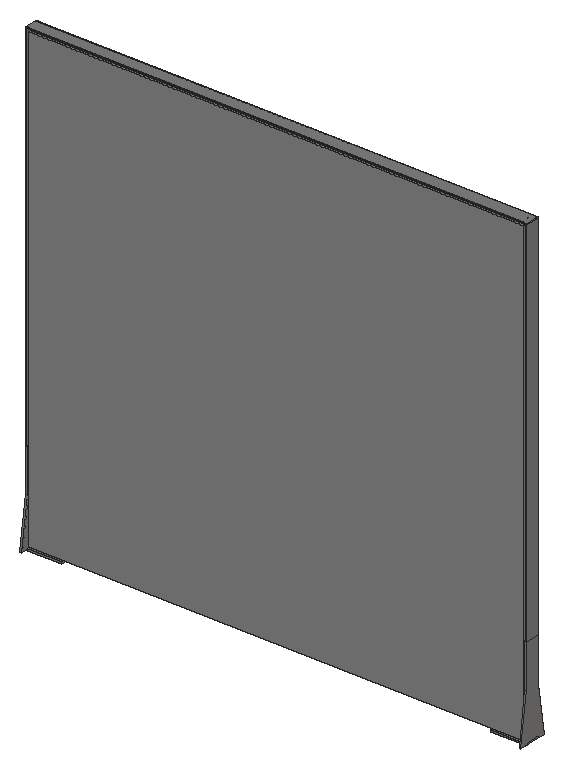
Revit family "Casual_Space_Division-Teknion-HNBCFF_Navigate_Fixed_Center_Screen_Fabric-R2016", category Furniture, Revit 2016
Family settings
  OmniClass Number = 23.40.20.00
  OmniClass Title = General Furniture and Specialties
  Work Plane-Based = No
  Always vertical = Yes
  Cut with Voids When Loaded = No
  Shared = Yes
  Room Calculation Point = No
Parameters (values of type "51" Height, Inset Style")
  Width [instance] = 46.000"
  Warranty = "http://www.teknion.com/ca/papers/legal-canada"
  Unit Weight URL = "http://www.teknion.com/ca/tools/assets#&asset=bee6a381-b954-425e-8283-5a2de3a804f2,f828d448-4b62-4231-9e5f-9a8991c0ed77"
  URL = "www.teknion.com"
  Trim Finish [instance] = Seamless Paint - Teknion - 24 - Greystone
  To render please download texture images found here [instance] = "https://assets.teknion.com/web/5e81352c1dfdb467/revit-material-swatches/"
  Sustainability Data = "https://www.teknion.com/ca/tools/assets#&topic=216f99a5-57a0-44fc-b10a-9dee9b29ae4c&asset=444deb64-fe58-4b68-981e-f75e97781df7,b4ff2d81-9f2e-437d-9659-7cffb09c31cf"
  Series = "Height-Adjustable Bench"  # constant formula
  Screen Finish [instance] = Fabric - Teknion - Heather Tech - R246 - Crag Tech
  Product Page URL = "https://www.teknion.com/products/product-details?productLineId=8551336e-8e7a-673b-a6c8-ff00004460c4"
  Product Line = "Height-Adjustable Bench"  # constant formula
  Product Documentation Link = "https://www.teknion.com/pricing/hab/pdfs/HNBCFF_ppg.pdf"
  Part Number = "HNBCFF"  # constant formula
  Model = "HNBCFF51__I"
  Manufacturer Phone = "416-661-3370"  # constant formula
  Manufacturer Fax = "416.661.4586"  # constant formula
  Manufacturer Contact Information = "http://www.teknion.com/ca/contactus"
  Manufacturer Address = "1150 Flint Road, Toronto, ON. M3J 2J5. Canada"  # constant formula
  Manufacturer = "Teknion"  # constant formula
  How To Use Teknion Materials User Guide [instance] = "https://assets.teknion.com/m/205dd0a49fa58060/original/How-to-add-a-Material-Library-and-Texture-Images-to-your-Revit-project.pdf"
  For Additional Finishes please visit [instance] = "https://assets.teknion.com/m/44a8009b046e5d47/original/Teknion_Materials_Library.zip"
  Description = "Navigate Fixed Center Screen – Fabric, 51\" Height, Inset Style"
  Available Widths [instance] = "46, 52, 58, 64, 70, 76, 82 inches."  # constant formula
  Assembly Code = "E2020200"
  Actual Width [instance] = Width - 9.850"  # 36.150"
Reference planes (in)
  plane 1 "Center Front/Back": y = 0.574
  plane 2: z = 0
  plane 3 "Center Left/Right": x = 0
  plane 4 "Left": x = -18.075
  plane 5 "Right": x = 18.075
  plane 6 "Back": y = 1.074
  plane 7 "Front": y = 0.074
  plane 8 "Top": z = 50.61301
  plane 9: z = 16.8752
  plane 10: x = -18.05192
  plane 11: x = -17.93232
  plane 12: x = -17.99374
  plane 13: x = -17.8305
  plane 14: x = 18.05192
  plane 15: x = 17.93232
  plane 16: x = 17.99374
  plane 17: x = 17.8305
  plane 18: y = 0.7615
  plane 19: y = 0.3865
  plane 20: z = 50.3728
  plane 21: z = 17.1568
  plane 22: y = 0.914
  plane 23: y = 1.034
  plane 24: y = 0.234
  plane 25: y = 0.114
Forms (in)
  Sweep 1, solid, material "Seamless Paint - Teknion - 24 - Greystone" <- "Trim Finish"
    path origin (0, 0, 0) x (1, 0, 0) y (0, 1, 0)
      loop
        line (-18.05192, 0.574) -> (-17.93232, 0.574)
    profile origin (-17.99212, 0.574, 0) x (0, 1, 0) y (0, 0, 1)
      loop
        line (-0.5, 20.4948) -> (-1.0045, 16.9648) -> (-0.5, 16.9648) -> (-0.5, 17.0548) -> (0.5, 17.0548) -> (0.5, 16.9648) -> (1.0045, 16.9648) -> (0.5, 20.4948) -> (0.5, 23.6348) -> (-0.5, 23.6348) -> (-0.5, 20.4948)
  Sweep 2, solid, material "Seamless Paint - Teknion - 24 - Greystone" <- "Trim Finish"
    path origin (0, 0, 0) x (1, 0, 0) y (0, 1, 0)
      loop
        line (-17.90581, 0.3865) -> (-17.90581, 0.7615)
    profile origin (-17.90581, 0.574, 0) x (-1, 0, 0) y (0, 0, 1)
      loop
        line (-0.22169, 24.44442) -> (0.05132, 24.17141)
        arc (0.05132, 24.17141) -> (0.07842, 24.13086) -> (0.08793, 24.08302) r 0.125
        line (0.08793, 24.08302) -> (0.08793, 50.06158)
        arc (0.08793, 50.06158) -> (0.07903, 50.01442) -> (0.05246, 49.97445) r 0.12076
        line (0.05246, 49.97445) -> (-0.22169, 49.70089) -> (-0.22169, 24.44442)
      loop
        line (-35.58992, 24.44442) -> (-35.58992, 49.70089) -> (-35.86407, 49.97445)
        arc (-35.86407, 49.97445) -> (-35.89064, 50.01442) -> (-35.89954, 50.06158) r 0.12076
        line (-35.89954, 50.06158) -> (-35.89954, 24.08302)
        arc (-35.89954, 24.08302) -> (-35.89003, 24.13086) -> (-35.86293, 24.17141) r 0.125
        line (-35.86293, 24.17141) -> (-35.58992, 24.44442)
  Sweep 3, solid, material "Seamless Paint - Teknion - 24 - Greystone" <- "Trim Finish"
    path origin (0, 0, 0) x (1, 0, 0) y (0, 1, 0)
      loop
        line (-18.075, 0.574) -> (18.075, 0.574)
    profile origin (0, 0.574, 0) x (0, 1, 0) y (0, 0, 1)
      loop
        line (0.5, 50.53301) -> (0.5, 50.58301)
        arc (0.5, 50.58301) -> (0.49121, 50.60422) -> (0.47, 50.61301) r 0.03
        line (0.47, 50.61301) -> (-0.47, 50.61301)
        arc (-0.47, 50.61301) -> (-0.49121, 50.60422) -> (-0.5, 50.58301) r 0.03
        line (-0.5, 50.58301) -> (-0.5, 50.53301) -> (0.5, 50.53301)
  Sweep 4, solid, material "Seamless Paint - Teknion - 24 - Greystone" <- "Trim Finish"
    path origin (0, 0, 0) x (1, 0, 0) y (0, 1, 0)
      loop
        line (0, 0.3865) -> (0, 0.7615)
    profile origin (0, 0.574, 0) x (-1, 0, 0) y (0, 0, 1)
      loop
        line (17.25262, 50.21063) -> (17.53839, 50.49639)
        arc (17.53839, 50.49639) -> (17.57796, 50.52308) -> (17.62464, 50.53301) r 0.12507
        line (17.62464, 50.53301) -> (-17.62678, 50.53301)
        arc (-17.62678, 50.53301) -> (-17.57894, 50.52349) -> (-17.53839, 50.49639) r 0.125
        line (-17.53839, 50.49639) -> (-17.25262, 50.21063) -> (17.25262, 50.21063)
  Sweep 5, solid, material "Seamless Paint - Teknion - 24 - Greystone" <- "Trim Finish"
    path origin (0, 0, 0) x (1, 0, 0) y (0, 1, 0)
      loop
        line (-18.075, 0.574) -> (-17.99374, 0.574)
    profile origin (-18.03437, 0.574, 0) x (0, 1, 0) y (0, 0, 1)
      loop
        line (0.5, 23.6348) -> (0.5, 50.5098) -> (-0.5, 50.5098) -> (-0.5, 23.6348) -> (0.5, 23.6348)
  Sweep 6, solid, material "Seamless Paint - Teknion - 24 - Greystone" <- "Trim Finish"
    path origin (0, 0, 0) x (-1, 0, 0) y (0, 1, 0)
      loop
        line (-18.075, 0.574) -> (-17.99374, 0.574)
    profile origin (18.03437, 0.574, 0) x (0, -1, 0) y (0, 0, 1)
      loop
        line (-0.5, 23.6348) -> (0.5, 23.6348) -> (0.5, 50.5098) -> (-0.5, 50.5098) -> (-0.5, 23.6348)
  Sweep 7, solid, material "Seamless Paint - Teknion - 24 - Greystone" <- "Trim Finish"
    path origin (0, 0, 0) x (1, 0, 0) y (0, 1, 0)
      loop
        line (17.93232, 0.574) -> (18.05192, 0.574)
    profile origin (17.99212, 0.574, 0) x (0, 1, 0) y (0, 0, 1)
      loop
        line (0.5, 16.9648) -> (1.0045, 16.9648) -> (0.5, 20.4948) -> (0.5, 23.6348) -> (-0.5, 23.6348) -> (-0.5, 20.4948) -> (-1.0045, 16.9648) -> (-0.5, 16.9648) -> (-0.5, 17.0548) -> (0.5, 17.0548) -> (0.5, 16.9648)
  Sweep 8, solid, material "Seamless Paint - Teknion - 24 - Greystone" <- "Trim Finish"
    path origin (0, 0, 0) x (1, 0, 0) y (0, 1, 0)
      loop
        line (-17.8305, 0.074) -> (-17.8305, 1.074)
    profile origin (-17.8305, 0.574, 0) x (-1, 0, 0) y (0, 0, 1)
      loop
        line (0.04182, 16.9948) -> (-2.39818, 16.9948) -> (-2.39818, 16.8752) -> (0.04182, 16.8752)
        arc (0.04182, 16.8752) -> (0.16882, 16.9278) -> (0.22142, 17.0548) r 0.1796
        line (0.22142, 17.0548) -> (0.10182, 17.0548)
        arc (0.10182, 17.0548) -> (0.08425, 17.01237) -> (0.04182, 16.9948) r 0.06
      loop
        arc (-35.70282, 16.9948) -> (-35.74525, 17.01237) -> (-35.76282, 17.0548) r 0.06
        line (-35.76282, 17.0548) -> (-35.88242, 17.0548)
        arc (-35.88242, 17.0548) -> (-35.82982, 16.9278) -> (-35.70282, 16.8752) r 0.1796
        line (-35.70282, 16.8752) -> (-33.26282, 16.8752) -> (-33.26282, 16.9948) -> (-35.70282, 16.9948)
  Sweep 9, solid, material "Fabric - Teknion - Heather Tech - R246 - Crag Tech" <- "Screen Finish"
    path origin (0, 0, 0) x (1, 0, 0) y (0, 1, 0)
      loop
        line (0, 0.114) -> (0, 0.234)
    profile origin (0, 0.174, 0) x (-1, 0, 0) y (0, 0, 1)
      loop
        line (-17.8305, 17.1568) -> (17.8305, 17.1568) -> (17.8305, 50.3728) -> (-17.8305, 50.3728) -> (-17.8305, 17.1568)
  Sweep 10, solid, material "Seamless Paint - Teknion - 24 - Greystone" <- "Trim Finish"
    path origin (0, 0, 0) x (1, 0, 0) y (0, 1, 0)
      loop
        line (0, 0.31926) -> (0, 0.82874)
    profile origin (0, 0.574, 0) x (-1, 0, 0) y (0, 0, 1)
      loop
        line (-16, 17.10504) -> (16, 17.10504) -> (16, 17.42785) -> (-16, 17.42785) -> (-16, 17.10504)
  Sweep 11, solid, material "Fabric - Teknion - Heather Tech - R246 - Crag Tech" <- "Screen Finish"
    path origin (0.04688, 1.148, 0) x (1, 0, 0) y (0, -1, 0)
      loop
        line (0, 0.114) -> (0, 0.234)
    profile origin (0.04688, 0.974, 0) x (1, 0, 0) y (0, 0, 1)
      loop
        line (17.78363, 17.1568) -> (17.78363, 50.3728) -> (-17.87737, 50.3728) -> (-17.87737, 17.1568) -> (17.78363, 17.1568)
Lines and regions (in)
  Masking region 1
    outline origin (0, 0, 0) x (1, 0, 0) y (0, 1, 0)
      loop
        line (-18.075, 1.074) -> (-18.075, 0.074) -> (18.075, 0.074) -> (18.075, 1.074) -> (-18.075, 1.074)
  Masking region 2
    outline origin (0, 0, 0) x (1, 0, 0) y (0, 1, 0)
      loop
        line (-17.93232, -0.4305) -> (-17.93232, 0.074) -> (-18.05192, 0.074) -> (-18.05192, -0.4305) -> (-17.93232, -0.4305)
      loop
        line (-18.05192, 1.5785) -> (-18.05192, 1.074) -> (-17.93232, 1.074) -> (-17.93232, 1.5785) -> (-18.05192, 1.5785)
      loop
        line (17.93232, -0.4305) -> (18.05192, -0.4305) -> (18.05192, 0.074) -> (17.93232, 0.074) -> (17.93232, -0.4305)
      loop
        line (17.93232, 1.5785) -> (17.93232, 1.074) -> (18.05192, 1.074) -> (18.05192, 1.5785) -> (17.93232, 1.5785)
  symbolic lines, style "FurnitureHiddenLines", detail levels medium+fine
    curve 1: line (-17.8305, 0.914, 0) -> (17.8305, 0.914, 0)
    curve 2: line (17.8305, 0.914, 0) -> (17.8305, 1.034, 0)
    curve 3: line (17.8305, 1.034, 0) -> (-17.8305, 1.034, 0)
    curve 4: line (-17.8305, 1.034, 0) -> (-17.8305, 0.914, 0)
    curve 5: line (17.8305, 0.114, 0) -> (17.8305, 0.234, 0)
    curve 6: line (17.8305, 0.234, 0) -> (-17.8305, 0.234, 0)
    curve 7: line (-17.8305, 0.234, 0) -> (-17.8305, 0.114, 0)
    curve 8: line (-17.8305, 0.114, 0) -> (17.8305, 0.114, 0)
    curve 11: line (-17.99374, 0.074, 0) -> (-17.99374, 1.074, 0)
    curve 25: line (-15.43232, 0.074, 0) -> (-15.43232, 1.074, 0)
    curve 26: line (15.43232, 1.074, 0) -> (15.43232, 0.074, 0)
  symbolic lines, style "FurnitureHiddenLines", detail levels fine
    curve 9: line (-17.93232, 1.074, 0) -> (-17.93232, 0.074, 0)
    curve 10: line (-18.05192, 0.074, 0) -> (-18.05192, 1.074, 0)
    curve 12: line (-17.99374, 0.7615, 0) -> (-17.68411, 0.7615, 0)
    curve 13: line (-17.68411, 0.3865, 0) -> (-17.68411, 0.7615, 0)
    curve 14: line (-17.68411, 0.3865, 0) -> (-17.99374, 0.3865, 0)
    curve 15: line (17.62678, 0.7615, 0) -> (-17.62464, 0.7615, 0)
    curve 16: line (-17.62464, 0.7615, 0) -> (-17.62464, 0.3865, 0)
    curve 17: line (-17.62464, 0.3865, 0) -> (17.62678, 0.3865, 0)
    curve 18: line (17.62678, 0.3865, 0) -> (17.62678, 0.7615, 0)
    curve 19: line (17.25262, 0.7615, 0) -> (17.25262, 0.3865, 0)
    curve 20: line (-17.25262, 0.7615, 0) -> (-17.25262, 0.3865, 0)
    curve 21: line (16, 0.82874, 0) -> (-16, 0.82874, 0)
    curve 22: line (-16, 0.82874, 0) -> (-16, 0.31926, 0)
    curve 23: line (-16, 0.31926, 0) -> (16, 0.31926, 0)
    curve 24: line (16, 0.31926, 0) -> (16, 0.82874, 0)
    curve 27: line (17.99374, 1.074, 0) -> (17.99374, 0.074, 0)
    curve 28: line (17.93232, 0.074, 0) -> (17.93232, 1.074, 0)
    curve 29: line (17.68411, 0.7615, 0) -> (17.99374, 0.7615, 0)
    curve 30: line (17.68411, 0.7615, 0) -> (17.68411, 0.3865, 0)
    curve 31: line (17.99374, 0.3865, 0) -> (17.68411, 0.3865, 0)
    curve 32: line (18.05192, 1.074, 0) -> (18.05192, 0.074, 0)
  reference lines, not visible
    curve 33: line (-18.075, 1.148, 0) -> (-18.075, 0, 0)
    curve 34: line (18.075, 1.148, 0) -> (18.075, 0, 0)
Dimensions and locks (in)
  "Actual Width": plane 4 "Left" to plane 5 "Right"
  equal spacing: plane 6 "Back", plane 1 "Center Front/Back", plane 7 "Front", locked at 0.5 each
  locked: plane 8 "Top" to level at 50.61301
  equal spacing: plane 4 "Left", plane 3 "Center Left/Right", plane 5 "Right"
  locked: Sweep 1 sketch curve to plane 7 "Front" at 0
  locked: plane 6 "Back" to Sweep 1 sketch curve at 0
  plane 9 to Sweep 1 sketch curve to Sweep 1 sketch curve to Sweep 1 sketch curve = 0.0896" locked, 0.000" locked, 0.090" locked
  Sweep 1 sketch curve to Sweep 1 sketch curve to plane 1 "Center Front/Back" to Sweep 1 sketch curve to Sweep 1 sketch curve = 0.5045" locked, 0.500" locked, 0.500" locked, 0.5045" locked
  Sweep 3 sketch curve to Sweep 3 sketch curve to plane 7 "Front" = 0.030" locked, 0.000" locked
  plane 6 "Back" to Sweep 3 sketch curve to Sweep 3 sketch curve = 0.000" locked, 0.030" locked
  plane 8 "Top" to Sweep 3 sketch curve to Sweep 3 sketch curve to Sweep 3 sketch curve = 0.030" locked, 0.000" locked, 0.050" locked
  Sweep 4 sketch curve to Sweep 4 sketch curve to plane 4 "Left" = 0.3742" locked, 0.44818" locked
  plane 8 "Top" to Sweep 4 sketch curve to Sweep 4 sketch curve to Sweep 4 sketch curve = 0.080" locked, 0.12505" locked, 0.19733" locked
  locked: plane 8 "Top" to Sweep 4 sketch curve at 0.205
  Sweep 4 sketch curve to Sweep 4 sketch curve to plane 5 "Right" = 0.37415" locked, 0.44822" locked
  locked: Sweep 1 sketch curve to plane 9 at 6.7596
  locked: plane 8 "Top" to Sweep 5 sketch curve at 0.10321
  locked: Sweep 5 sketch curve to plane 7 "Front" at 0
  locked: plane 6 "Back" to Sweep 5 sketch curve at 0
  plane 5 "Right" to plane 14 to plane 16 to plane 15 to plane 17 = 0.02308" locked, 0.05819" locked, 0.06141" locked, 0.10182" locked
  plane 8 "Top" to Sweep 2 sketch curve to Sweep 2 sketch curve = 0.55305" locked, 0.35907" locked
  Sweep 2 sketch curve to Sweep 2 sketch curve to plane 9 = 0.3614" locked, 7.20782" locked  (x2)
  Sweep 2 sketch curve to Sweep 2 sketch curve to Sweep 2 sketch curve to plane 16 = 0.18462" locked, 0.00425" locked, 0.12075" locked
  Sweep 2 sketch curve to Sweep 2 sketch curve to Sweep 2 sketch curve to plane 12 = 0.18462" locked, 0.00425" locked, 0.12075" locked
  locked: plane 8 "Top" to Sweep 2 sketch curve at 0.55305
  plane 4 "Left" to plane 10 to plane 12 to plane 11 to plane 13 = 0.02308" locked, 0.05819" locked, 0.06141" locked, 0.10182" locked
  plane 19 to plane 1 "Center Front/Back" to plane 18 = 0.1875" locked, 0.1875" locked
  Sweep 8 sketch curve to Sweep 8 sketch curve to Sweep 8 sketch curve to plane 10 = 2.440" locked, 0.000" locked, 0.1796" locked
  Sweep 8 sketch curve to Sweep 8 sketch curve to Sweep 8 sketch curve to plane 9 = 0.000" locked, 0.060" locked, 0.1196" locked
  Sweep 8 sketch curve to Sweep 8 sketch curve to Sweep 8 sketch curve to Sweep 8 sketch curve to plane 9 = 0.000" locked, 0.000" locked, 0.060" locked, 0.1196" locked
  Sweep 8 sketch curve to Sweep 8 sketch curve to Sweep 8 sketch curve to plane 5 "Right" = 2.440" locked, 0.000" locked, 0.20268" locked
  locked: plane 21 to plane 9 at 0.2816
  locked: plane 8 "Top" to plane 20 at 0.24021
  equal spacing: Sweep 10 sketch curve, plane 1 "Center Front/Back", Sweep 10 sketch curve, locked at 0.25474 each
  Sweep 10 sketch curve to plane 21 to Sweep 10 sketch curve = 0.27105" locked, 0.05176" locked
  locked: Sweep 10 sketch curve to plane 4 "Left" at 2.075
  locked: Sweep 10 sketch curve to plane 5 "Right" at 2.075
  plane 6 "Back" to plane 23 to plane 22 = 0.040" locked, 0.120" locked
  plane 7 "Front" to plane 25 to plane 24 = 0.040" locked, 0.120" locked
  aligned and locked: level to plane 2
  aligned and locked: plane 10 to Sweep 1 sketch curve
  aligned and locked: plane 11 to Sweep 1 sketch curve
  aligned and locked: plane 1 "Center Front/Back" to Sweep 3 sketch curve
  aligned and locked: plane 4 "Left" to Sweep 3 sketch curve
  aligned and locked: plane 5 "Right" to Sweep 3 sketch curve
  aligned and locked: plane 3 "Center Left/Right" to Sweep 4 sketch curve
  aligned and locked: plane 4 "Left" to Sweep 5 sketch curve
  aligned and locked: Sweep 5 sketch curve to plane 1 "Center Front/Back"
  aligned and locked: Sweep 5 sketch curve to Sweep 1
  aligned and locked: plane 12 to Sweep 5 sketch curve
  aligned and locked: plane 16 to Sweep 2 sketch curve
  aligned and locked: Sweep 2 sketch curve to plane 12
  aligned and locked: plane 15 to Sweep 7 sketch curve
  aligned and locked: plane 14 to Sweep 7 sketch curve
  aligned and locked: plane 1 "Center Front/Back" to Sweep 7 sketch curve
  aligned and locked: Sweep 7 sketch curve to Sweep 1  (x9)
  aligned and locked: plane 5 "Right" to Sweep 6 sketch curve
  aligned and locked: plane 16 to Sweep 6 sketch curve
  aligned and locked: Sweep 6 sketch curve to plane 1 "Center Front/Back"
  aligned and locked: Sweep 8 sketch curve to plane 13
  aligned and locked: plane 9 to Sweep 8 sketch curve  (x2)
  aligned and locked: plane 21 to Sweep 9 sketch curve
  aligned and locked: Sweep 9 sketch curve to plane 13
  aligned and locked: Sweep 9 sketch curve to plane 20
  aligned and locked: Sweep 9 sketch curve to plane 17
  aligned and locked: plane 3 "Center Left/Right" to Sweep 10 sketch curve
  aligned and locked: plane 24 to Sweep 9 sketch curve
  aligned and locked: plane 25 to Sweep 9 sketch curve
  aligned and locked: plane 22 to Sweep 11 sketch curve
  aligned and locked: plane 23 to Sweep 11 sketch curve
  aligned and locked: plane 17 to Sweep 11 sketch curve
  aligned and locked: Sweep 11 sketch curve to plane 20
  aligned and locked: Sweep 11 sketch curve to plane 21
  aligned and locked: Sweep 11 sketch curve to plane 13
  aligned and locked: Masking region 1 sketch curve to Sweep 3  (x4)
  aligned and locked: Masking region 2 sketch curve to Sweep 1  (x6)
  aligned and locked: Masking region 2 sketch curve to Sweep 8  (x3)
  aligned and locked: Sweep 1 to Masking region 2 sketch curve
  aligned and locked: Masking region 2 sketch curve to Sweep 7  (x5)
  aligned and locked: Sweep 7 to Masking region 2 sketch curve
  aligned and locked: curve 1 to Sweep 11
  aligned and locked: curve 2 to Sweep 11
  aligned and locked: curve 3 to Sweep 11
  aligned and locked: curve 4 to Sweep 11
  aligned and locked: curve 5 to Sweep 9
  aligned and locked: curve 6 to Sweep 9
  aligned and locked: curve 7 to Sweep 9
  aligned and locked: curve 8 to Sweep 9
  aligned and locked: curve 9 to Sweep 1
  aligned and locked: Sweep 1 to curve 10
  aligned and locked: curve 11 to Sweep 5
  aligned and locked: curve 13 to Sweep 2
  aligned and locked: Sweep 2 to curve 14
  aligned and locked: plane 12 to curve 12
  aligned and locked: plane 18 to curve 12
  aligned and locked: curve 15 to Sweep 4
  aligned and locked: curve 16 to Sweep 4
  aligned and locked: curve 17 to Sweep 4
  aligned and locked: curve 18 to Sweep 4
  aligned and locked: curve 19 to Sweep 4
  aligned and locked: curve 20 to Sweep 4
  aligned and locked: curve 21 to Sweep 10
  aligned and locked: curve 22 to Sweep 10
  aligned and locked: curve 23 to Sweep 10
  aligned and locked: curve 24 to Sweep 10
  aligned and locked: curve 25 to Sweep 8
  aligned and locked: curve 26 to Sweep 8
  aligned and locked: curve 27 to Sweep 6
  aligned and locked: Sweep 7 to curve 28
  aligned and locked: curve 29 to Sweep 2
  aligned and locked: curve 30 to Sweep 2
  aligned and locked: Sweep 2 to curve 31
  aligned and locked: plane 16 to curve 29
  aligned and locked: curve 32 to Sweep 7
  aligned and locked: curve 33 to plane 4 "Left"
  aligned and locked: curve 34 to plane 5 "Right"
  aligned and locked: Sweep 8 sketch curve to plane 7 "Front"
  aligned and locked: plane 6 "Back" to Sweep 8 sketch curve
  aligned and locked: Sweep 4 sketch curve to plane 1 "Center Front/Back"
Automatic sketch dimensions
  plane 1 "Center Front/Back" to Sweep 1 sketch curve = 0.000"
  Sweep 1 sketch curve to Sweep 1 sketch curve = 3.140"
  Sweep 1 sketch curve to Sweep 1 sketch curve = 0.000"
  plane 19 to Sweep 2 sketch curve = 0.000"
  Sweep 2 sketch curve to plane 18 = 0.000"
  plane 11 to Sweep 2 sketch curve = 0.02652"
  level to Sweep 2 sketch curve = 24.17141"
  Sweep 2 sketch curve to profile plane = 0.05132"
  Sweep 2 sketch curve to Sweep 2 sketch curve = 0.35907"
  Sweep 2 sketch curve to Sweep 2 sketch curve = 0.00162"  (x2)
  Sweep 2 sketch curve to Sweep 2 sketch curve = 0.03541"
  Sweep 2 sketch curve to Sweep 2 sketch curve = 0.00006"  (x4)
  Sweep 2 sketch curve to profile plane = 0.05246"
  plane 19 to Sweep 4 sketch curve = 0.000"
  Sweep 4 sketch curve to plane 18 = 0.000"
  Sweep 4 sketch curve to Sweep 4 sketch curve = 0.08839"
  Sweep 4 sketch curve to Sweep 4 sketch curve = 0.08843"
  Sweep 4 sketch curve to Sweep 4 sketch curve = 0.08625"
  Sweep 4 sketch curve to Sweep 4 sketch curve = 0.03661"
  Sweep 4 sketch curve to Sweep 4 sketch curve = 0.000"
  profile plane to Sweep 6 sketch curve = 0.500"
  Sweep 6 sketch curve to profile plane = 0.500"
  level to Sweep 6 sketch curve = 23.6348"
  Sweep 6 sketch curve to Sweep 6 sketch curve = 26.875"
  Sweep 7 sketch curve to Sweep 7 sketch curve = 0.5045"
  Sweep 9 sketch curve to plane 3 "Center Left/Right" = 0.000"
  plane 19 to Sweep 10 sketch curve = 0.06724"
  Sweep 11 sketch curve to plane 3 "Center Left/Right" = 0.04687"
  curve 9 to plane 7 "Front" = 0.000"
  curve 9 to plane 6 "Back" = 0.000"
  curve 10 to plane 7 "Front" = 0.000"
  curve 10 to plane 6 "Back" = 0.000"
  curve 11 to plane 7 "Front" = 0.000"
  curve 11 to plane 6 "Back" = 0.000"
  plane 7 "Front" to curve 25 = 0.000"
  curve 25 to plane 6 "Back" = 0.000"
  plane 7 "Front" to curve 26 = 0.000"
  plane 6 "Back" to curve 26 = 0.000"
  plane 7 "Front" to curve 27 = 0.000"
  plane 6 "Back" to curve 27 = 0.000"
  plane 7 "Front" to curve 28 = 0.000"
  plane 6 "Back" to curve 28 = 0.000"
  plane 7 "Front" to curve 32 = 0.000"
  plane 6 "Back" to curve 32 = 0.000"
  plane 7 "Front" to curve 33 = 0.074"
  plane 6 "Back" to curve 33 = 0.074"
  plane 7 "Front" to curve 34 = 0.074"
  plane 6 "Back" to curve 34 = 0.074"
